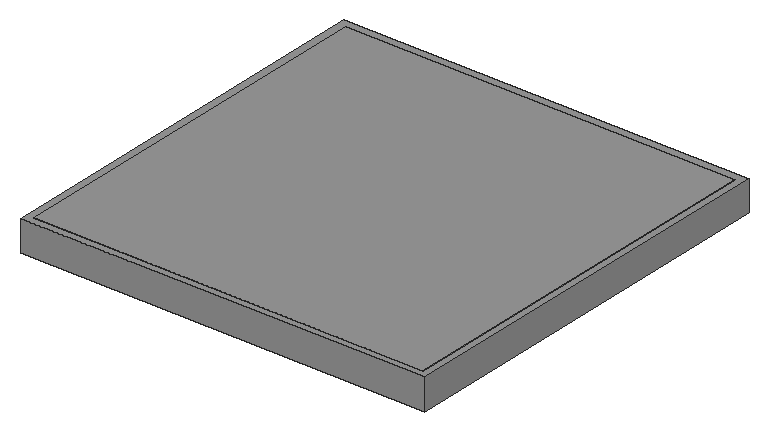
Revit family "ДВО-10 40 Вт Грильято", category Осветительные приборы, Revit 2019
Family settings
  Основа = Потолок
  Размер круглого соединителя = Использовать диаметр
  Тип детали = Нормальный
  Номер OmniClass = 23.80.70.11
  Заголовок OmniClass = Luminaries for Internal Lighting
  Всегда вертикально = Да
  При загрузке вырезать с полостями = Нет
  Источник света = Да
  Общий = Нет
  Точка расчета площади = Нет
Parameters (values of type "ДВО-10-О-40-3К-IP40-Грильято")
  Эффективность светильника = "105"
  Частота сети = "50 / 60 Гц"
  Цвет корпуса = "Белый"
  Файл фотометрической сетки = "INNOLUX 14 985 DVO-10-O-40-3K-IP40.ies"
  Угол наклона = 90.00°
  Типоразмер светодиода = "2835"
  Тип рассеивателя = "опал"
  Тип кривой силы света по ГОСТ 54350-2011 = "Д"
  Степень защиты (IP) = "40"
  Срок службы = "80000"
  Способ монтажа = "Встраиваемый / Накладной"
  Сила тока = "0.18 А"
  Световой поток модуля = "628"
  Пусковой ток = "26 А"
  Потребляемый ток = "0"
  Полная установленная мощность = 40 VA
  Объём упаковки = "220х610х610 мм"
  built-in parameter 1150142 = "IESNA:LM-63-1995\r\n[DATA] 29.03.2021\r\n[MANUFAC] INNOLUX\r\n[LUMCAT] 14 985\r\n[LUMINAIRE] DVO-10-O-40-3Ê-IP40\r\n[LAMP] LED 40W 3000K\r\nTILT=NONE\r\n1 5020 5.02 91 1 1 2\r\n0.588 0.588 0.055\r\n1 1 40.0\r\n0 1 2 3 4 5 6 7 8 9 10 11 12 13 14 15 16 17 18 19 20 21 22 23 24 25 26 27 28 29 30 31 32 33 34 35 36 37 38 39 40 41 42 43 44 45 46 47 48 49 50 51 52 53 54 55 56 57 58 59 60 61 62 63 64 65 66 67 68 69 70 71 72 73 74 75 76 77 78 79 80 81 82 83 84 85 86 87 88 89 90 \r\n0\r\n354.9 354.8 354.6 354.3 353.9 353.3 352.5 351.7 350.7 349.5 348.3 346.9 345.3 343.6 341.9 339.9 337.9 335.7 333.4 331 328.5 325.9 323.1 320.3 317.3 314.2 311.1 307.8 304.4 300.9 297.3 293.7 289.9 286.1 282.1 278.1 274 269.8 265.5 261.1 256.7 252.2 247.6 243 238.2 233.4 228.6 223.7 218.7 213.6 208.5 203.4 198.1 192.8 187.5 182.2 176.7 171.2 165.6 160 154.3 148.6 142.8 136.9 131.1 125.2 119.3 113.3 107.3 101.3 95.3 89.3 83.2 77.2 71.2 65.2 59.3 53.4 47.7 42.1 36.6 31.3 26.2 21.4 17 13 9.4 6.4 4.1 0 0"
  Напряжение = "176-264 В"
  Wattage = 33.7952 W
  built-in parameter 1150110 = 1 (stored number, unit not read)
  built-in parameter 1114217 = 0.8 (stored number, unit not read)
  built-in parameter 1150109 = 1 (stored number, unit not read)
  built-in parameter 1150134 = (empty or 0)
  built-in parameter 1150113 = 1 (stored number, unit not read)
  Lumens = 5020 lm
  built-in parameter 1150115 = 1 (stored number, unit not read)
  built-in parameter 1150105 = 399.48 (stored number, unit not read)
  built-in parameter 1150137 = (empty or 0)
  Материал рассеивателя = Полистирол
  Материал корпуса = Металл, окрашенный, белый, матовый
  Коэффициент пульсации = "<5%"
  built-in parameter 1150139 = (empty or 0)
  built-in parameter 1150112 = 1 (stored number, unit not read)
  built-in parameter 1150114 = 1 (stored number, unit not read)
  built-in parameter 1150132 = 2
  Коэффициент мощности = ">0.95\r\n>0.95\r\n>0.95"
  Количество модулей = "4"
  Количество в упаковке = "10"
  Кол-во светодиодов = "180"
  Климатическое исполнение = "УХЛ 4"
  Класс светораспределения по ГОСТ 54350-2011 = "П"
  Класс защиты от поражения током = "I"
  Категория по ограничению яркости = "1"
  built-in parameter 1150102 = (empty or 0)
  built-in parameter 1150138 = (empty or 0)
  built-in parameter 1150107 = 3000 (stored number, unit not read)
  built-in parameter 1150106 = 3.9948 (stored number, unit not read)
  built-in parameter 1150104 = 13.8 (stored number, unit not read)
  Dimming Lamp Color Temperature Shift = (empty or 0)
  Color Filter = 16777215
  built-in parameter 1114218 = 1 (stored number, unit not read)
  built-in parameter 1150133 = 10 (stored number, unit not read)
  Индекс цветопередачи = ">80"
  Изготовитель = "INNOLUX"
  Диммирование = "нет"
  Диапазон рабочих температур = "- 20 + 40°C"
  Гарантия = "7 лет"
  Габаритная яркость = "<5000 кд / м2"
  Время импульса пускового тока = "200 мс"
  Вес светильника = "2.6 кг"
  Бренд светодиодов = "EDISON"
  Блок аварийного питания = "нет"
  Артикул = "14985"
  URL = "http://innolux.pro/katalog/torgorgovoe-osveshhenie/dvo-10-40-vt-grilyato/14985.html"
  ADSK_Размер_Ширина = 588 mm
  ADSK_Размер_Длина = 588 mm
  ADSK_Размер_Высота = 45 mm
Types (3, lengths in mm): name | Файл фотометрической сетки | built-in parameter 1150142 | built-in parameter 1150134 | built-in parameter 1150107 | Диапазон рабочих температур | Артикул | URL
  ДВО-10-О-40-3К-IP40-Грильято | "INNOLUX 14 985 DVO-10-O-40-3K-IP40.ies" | "IESNA:LM-63-1995\r\n[DATA] 29.03.2021\r\n[MANUFAC] INNOLUX\r\n[LUMCAT] 14 985\r\n[LUMINAIRE] DVO-10-O-40-3Ê-IP40\r\n[LAMP] LED 40W 3000K\r\nTILT=NONE\r\n1 5020 5.02 91 1 1 2\r\n0.588 0.588 0.055\r\n1 1 40.0\r\n0 1 2 3 4 5 6 7 8 9 10 11 12 13 14 15 16 17 18 19 20 21 22 23 24 25 26 27 28 29 30 31 32 33 34 35 36 37 38 39 40 41 42 43 44 45 46 47 48 49 50 51 52 53 54 55 56 57 58 59 60 61 62 63 64 65 66 67 68 69 70 71 72 73 74 75 76 77 78 79 80 81 82 83 84 85 86 87 88 89 90 \r\n0\r\n354.9 354.8 354.6 354.3 353.9 353.3 352.5 351.7 350.7 349.5 348.3 346.9 345.3 343.6 341.9 339.9 337.9 335.7 333.4 331 328.5 325.9 323.1 320.3 317.3 314.2 311.1 307.8 304.4 300.9 297.3 293.7 289.9 286.1 282.1 278.1 274 269.8 265.5 261.1 256.7 252.2 247.6 243 238.2 233.4 228.6 223.7 218.7 213.6 208.5 203.4 198.1 192.8 187.5 182.2 176.7 171.2 165.6 160 154.3 148.6 142.8 136.9 131.1 125.2 119.3 113.3 107.3 101.3 95.3 89.3 83.2 77.2 71.2 65.2 59.3 53.4 47.7 42.1 36.6 31.3 26.2 21.4 17 13 9.4 6.4 4.1 0 0" | (empty or 0) | 3000 (stored number, unit not read) | "- 20 + 40°C" | "14985" | "http://innolux.pro/katalog/torgorgovoe-osveshhenie/dvo-10-40-vt-grilyato/14985.html"
  ДВО-10-О-40-4К-IP40-Грильято | "INNOLUX 14 986 DVO-10-O-40-4K-IP40.ies" | "IESNA:LM-63-1995\r\n[DATA] 29.03.2021\r\n[MANUFAC] INNOLUX\r\n[LUMCAT] 14 986\r\n[LUMINAIRE] DVO-10-O-40-4Ê-IP40\r\n[LAMP] LED 40W 4000K\r\nTILT=NONE\r\n1 5020 5.02 91 1 1 2\r\n0.588 0.588 0.055\r\n1 1 40.0\r\n0 1 2 3 4 5 6 7 8 9 10 11 12 13 14 15 16 17 18 19 20 21 22 23 24 25 26 27 28 29 30 31 32 33 34 35 36 37 38 39 40 41 42 43 44 45 46 47 48 49 50 51 52 53 54 55 56 57 58 59 60 61 62 63 64 65 66 67 68 69 70 71 72 73 74 75 76 77 78 79 80 81 82 83 84 85 86 87 88 89 90 \r\n0\r\n354.9 354.8 354.6 354.3 353.9 353.3 352.5 351.7 350.7 349.5 348.3 346.9 345.3 343.6 341.9 339.9 337.9 335.7 333.4 331 328.5 325.9 323.1 320.3 317.3 314.2 311.1 307.8 304.4 300.9 297.3 293.7 289.9 286.1 282.1 278.1 274 269.8 265.5 261.1 256.7 252.2 247.6 243 238.2 233.4 228.6 223.7 218.7 213.6 208.5 203.4 198.1 192.8 187.5 182.2 176.7 171.2 165.6 160 154.3 148.6 142.8 136.9 131.1 125.2 119.3 113.3 107.3 101.3 95.3 89.3 83.2 77.2 71.2 65.2 59.3 53.4 47.7 42.1 36.6 31.3 26.2 21.4 17 13 9.4 6.4 4.1 0 0" | 12 | 4000 (stored number, unit not read) | "- 20 + 40°C" | "14986" | "http://innolux.pro/katalog/torgorgovoe-osveshhenie/dvo-10-40-vt-grilyato/14986.html"
  ДВО-10-О-40-5К-IP40-Грильято | "INNOLUX 14 987 DVO-10-O-40-5K-IP40.ies" | "IESNA:LM-63-1995\r\n[DATA] 29.03.2021\r\n[MANUFAC] INNOLUX\r\n[LUMCAT] 14 987\r\n[LUMINAIRE] DVO-10-O-40-5Ê-IP40\r\n[LAMP] LED 40W 5000K\r\nTILT=NONE\r\n1 5020 5.02 91 1 1 2\r\n0.588 0.588 0.055\r\n1 1 40.0\r\n0 1 2 3 4 5 6 7 8 9 10 11 12 13 14 15 16 17 18 19 20 21 22 23 24 25 26 27 28 29 30 31 32 33 34 35 36 37 38 39 40 41 42 43 44 45 46 47 48 49 50 51 52 53 54 55 56 57 58 59 60 61 62 63 64 65 66 67 68 69 70 71 72 73 74 75 76 77 78 79 80 81 82 83 84 85 86 87 88 89 90 \r\n0\r\n354.9 354.8 354.6 354.3 353.9 353.3 352.5 351.7 350.7 349.5 348.3 346.9 345.3 343.6 341.9 339.9 337.9 335.7 333.4 331 328.5 325.9 323.1 320.3 317.3 314.2 311.1 307.8 304.4 300.9 297.3 293.7 289.9 286.1 282.1 278.1 274 269.8 265.5 261.1 256.7 252.2 247.6 243 238.2 233.4 228.6 223.7 218.7 213.6 208.5 203.4 198.1 192.8 187.5 182.2 176.7 171.2 165.6 160 154.3 148.6 142.8 136.9 131.1 125.2 119.3 113.3 107.3 101.3 95.3 89.3 83.2 77.2 71.2 65.2 59.3 53.4 47.7 42.1 36.6 31.3 26.2 21.4 17 13 9.4 6.4 4.1 0 0" | 2 | 5000 (stored number, unit not read) | "-20 + 40°C" | "14987" | "http://innolux.pro/katalog/torgorgovoe-osveshhenie/dvo-10-40-vt-grilyato/14987.html"
Reference planes
  plane 1 "Ось источника света (В/Н)": y = 0
  plane 2: z = 0
  plane 3 "Ось источника света (Л/П)": x = 0
  plane 4 "Потолок": z = 4000
  plane 5 "Отметка источника света 1": z = 3955
  plane 6: x = -294
  plane 7: x = 294
  plane 8: y = 294
  plane 9: y = -294
Forms (mm)
  Extrusion 1, solid, material "Металл, окрашенный, белый, матовый" <- "Материал корпуса"
    sketch origin (0, 0, 3955) x (-1, 0, 0) y (0, -1, 0)
      loop
        line (294, -294) -> (294, 294) -> (-294, 294) -> (-294, -294) -> (294, -294)
    from 0 to 45
  Extrusion 2, void
    sketch origin (0, 0, 3955) x (-1, 0, 0) y (0, -1, 0)
      loop
        line (283.393, -283.393) -> (283.393, 283.393) -> (-283.393, 283.393) -> (-283.393, -283.393) -> (283.393, -283.393)
    from 0 to 27.018
  Extrusion 3, solid, material "Полистирол" <- "Материал рассеивателя"
    sketch origin (0, 0, 3955) x (-1, 0, 0) y (0, -1, 0)
      loop
        line (283.393, -283.393) -> (283.393, 283.393) -> (-283.393, 283.393) -> (-283.393, -283.393) -> (283.393, -283.393)
    from 9.146 to 45
Cuts and joins
  Extrusion 2 cuts Extrusion 1
Dimensions and locks
  equal spacing: host sketch curve, plane 3 "Ось источника света (Л/П)", host sketch curve
  equal spacing: host sketch curve, plane 1 "Ось источника света (В/Н)", host sketch curve
  host sketch curve to host sketch curve = 4000 mm  (x2)
  plane 4 "Потолок" to host ceiling = 0 mm
  equal spacing: plane 6, plane 3 "Ось источника света (Л/П)", plane 7
  equal spacing: plane 8, plane 1 "Ось источника света (В/Н)", plane 9
  "ADSK_Размер_Длина": plane 6 to plane 7
  "ADSK_Размер_Ширина": plane 8 to plane 9
  "ADSK_Размер_Высота": plane 5 "Отметка источника света 1" to plane 4 "Потолок"
  aligned and locked: plane 3 "Ось источника света (Л/П)" to imposter light
  aligned and locked: plane 1 "Ось источника света (В/Н)" to imposter light
  aligned and locked: plane 5 "Отметка источника света 1" to imposter light
  aligned and locked: plane 5 "Отметка источника света 1" to Extrusion 1
  aligned and locked: Extrusion 3 to cut or joined group of Extrusion 1, Extrusion 2
  aligned and locked: cut or joined group of Extrusion 1, Extrusion 2 to Extrusion 3  (x2)
  aligned and locked: host ceiling to Extrusion 3
  aligned and locked: host ceiling to Extrusion 1
  aligned and locked: Extrusion 1 to plane 6
  aligned and locked: plane 7 to Extrusion 1
  aligned and locked: Extrusion 1 to imposter light
  aligned and locked: Extrusion 1 to plane 4 "Потолок"
  aligned and locked: Extrusion 1 to Extrusion 3
  aligned and locked: Extrusion 3 to plane 4 "Потолок"
Automatic sketch dimensions
  Extrusion 1 sketch curve to plane 7 = 0 mm
  Extrusion 1 sketch curve to plane 6 = 0 mm
  Extrusion 1 sketch curve to plane 8 = 0 mm
  Extrusion 1 sketch curve to plane 9 = 0 mm
  Extrusion 2 sketch curve to plane 7 = 10.607 mm
  plane 6 to Extrusion 2 sketch curve = 10.607 mm
  Extrusion 2 sketch curve to plane 8 = 10.607 mm
  plane 9 to Extrusion 2 sketch curve = 10.607 mm
  Extrusion 3 sketch curve to plane 7 = 10.607 mm
  plane 6 to Extrusion 3 sketch curve = 10.607 mm
  Extrusion 3 sketch curve to plane 8 = 10.607 mm
  plane 9 to Extrusion 3 sketch curve = 10.607 mm
Connectors
  electrical at (0, 0, 4000)
    settings: on cut or joined group of Extrusion 1, Extrusion 2, index 1, voltage 0 V, apparent load 0 VA, apparent load phase1 0 VA, apparent load phase2 0 VA, apparent load phase3 0 VA, power factor 1, load classification "Прочее", number of poles 1, system type 31, power factor state 1, is connector primary yes, connector utility no, sub classification motor no, connector description ""
